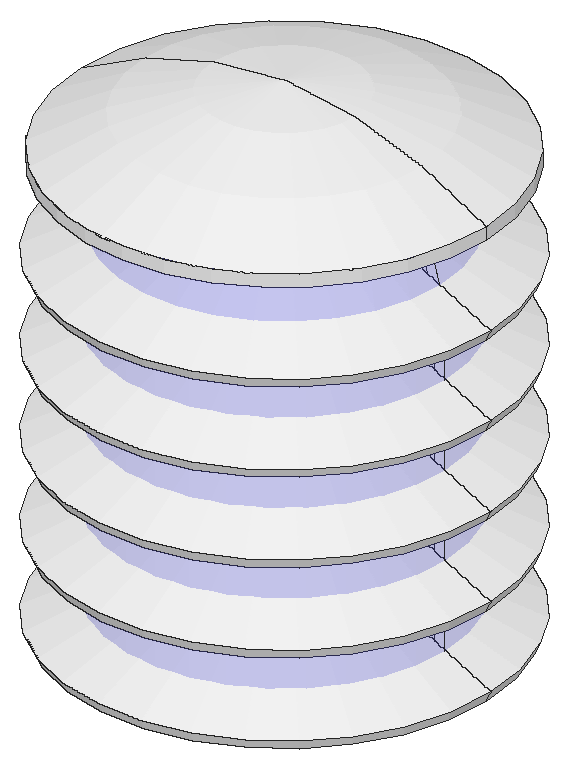
Revit family "CB32", category Lighting Fixtures, Revit 2014
Parameters (values of type "CB")
  Wattage Comments = "default"
  Wattage = 12.1178 W
  built-in parameter 1150110 = 1 (stored number, unit not read)
  Voltage = 120 V
  URL = "https://www.hubbell.com/kimlighting/en/"
  Type Comments = "Lighted Bollard"  # constant formula
  built-in parameter 1114217 = 1 (stored number, unit not read)
  Tilt Angle = 90.00°
  built-in parameter 1150109 = 1 (stored number, unit not read)
  built-in parameter 1150134 = (empty or 0)
  built-in parameter 1150113 = 1 (stored number, unit not read)
  Series = "Traditional Bollards"  # constant formula
  Radius = Diameter / 2  # 2.50"
  Product Page URL = "https://www.hubbell.com/kimlighting/en/Products/Lighting-Controls/Commercial-Outdoor-Lighting/Bollards/Compact-Bollards/p/248477"
  Product Documentation Link = "https://hubbellcdn.com/specsheet/kl_cbled_spec.pdf"
  Power Factor = 1
  Photometric Web Link = "https://www.hubbell.com/kimlighting/en/Products/Lighting-Controls/Commercial-Outdoor-Lighting/Bollards/Compact-Bollards/p/248477#prod-photometry-section"
  Photometric Web File = "cb-20l4k.ies"
  Photometric Notes = "More IES files download on Photometric Web Link"  # constant formula
  Number of Poles = 1
  Model = "Compact Bollards"  # constant formula
  MasterFormat Title = "Landscape Lighting, Site Lighting, Walkway Lighting"  # constant formula
  Manufacturer = "Kim Lighting"  # constant formula
  Lumens = 1800 lm
  built-in parameter 1150115 = 1 (stored number, unit not read)
  built-in parameter 1150105 = 143.24 (stored number, unit not read)
  Load Classification = Lighting
  built-in parameter 1150137 = (empty or 0)
  built-in parameter 1150139 = (empty or 0)
  built-in parameter 1150112 = 1 (stored number, unit not read)
  built-in parameter 1150114 = 1 (stored number, unit not read)
  Lamp = "LED"  # constant formula
  built-in parameter 1150132 = 2
  built-in parameter 1150102 = (empty or 0)
  built-in parameter 1150138 = (empty or 0)
  built-in parameter 1150107 = 3000 (stored number, unit not read)
  built-in parameter 1150106 = 1.4324 (stored number, unit not read)
  Height = 32.00"
  Glass = Glass-KIM-Temper Molded
  Finish = Powder Coat-Kim-White
  built-in parameter 1150104 = 13.8 (stored number, unit not read)
  Dimming Lamp Color Temperature Shift = <None>
  Diameter = 5.00"  # constant formula
  Description = "Compact Bollards feature full overlapping louvers which provides total source cutoff above horizontal. A soft glow from the louvers provides sufficient vertical illumination for gardens, pathways and of course, pedestrians.\r\n\r\nGasketed prismatic glass globe optimizes light output\r\nFull cutoff above horizontal\r\nBattery back-up, emergency battery pack and houseside shield options"  # constant formula
  Color Filter = 16777215
  built-in parameter 1114218 = 1 (stored number, unit not read)
  built-in parameter 1150133 = 10 (stored number, unit not read)
  Assembly Code = "D5020200"
  Apparent Load = 0 VA
Reference planes (in)
  plane 1 "Light Source Axis (F/B)": y = 0
  plane 2: z = 0
  plane 3 "Light Source Axis (L/R)": x = 0
  plane 4 "Light Source Elevation": z = 29
  plane 5 "Left": x = -2.5
  plane 6 "Right": x = 2.5
  plane 7 "Back": y = 2.5
  plane 8 "Front": y = -2.5
  plane 9 "Top": z = 32
  plane 10: z = 26
  plane 11: z = 31
Forms (in)
  Revolve 1, solid, material "Powder Coat-Kim-White" <- "Finish", detail levels medium+fine
    sketch origin (0, 0, 0) x (1, 0, 0) y (0, 0, 1)
      loop
        line (-2.5, 26) -> (-0.48859, 26.93794) -> (-0.54141, 27.05123) -> (-2.55283, 26.11329) -> (-2.5, 26)
      loop
        line (-2.5, 27) -> (-0.48859, 27.93794) -> (-0.54141, 28.05123) -> (-2.55283, 27.11329) -> (-2.5, 27)
      loop
        line (-2.5, 28) -> (-0.48859, 28.93794) -> (-0.54141, 29.05123) -> (-2.55283, 28.11329) -> (-2.5, 28)
      loop
        line (-2.5, 29) -> (-0.48859, 29.93794) -> (-0.54141, 30.05123) -> (-2.55283, 29.11329) -> (-2.5, 29)
      loop
        line (-2.5, 30) -> (-0.48859, 30.93794) -> (-0.54141, 31.05123) -> (-2.55283, 30.11329) -> (-2.5, 30)
      loop
        line (-2.5, 31.25142) -> (-2.5, 31.10079)
        arc (-2.5, 31.10079) -> (-1.28323, 31.59166) -> (0, 31.86512) r 7.57214
        line (0, 31.86512) -> (0, 32)
        arc (0, 32) -> (-1.29614, 31.77981) -> (-2.5, 31.25142) r 5.37273
      axis (0, 26) -> (0, 32)
    angle from 0 to 360
  Revolve 2, solid, material "Glass-KIM-Temper Molded" <- "Glass", detail levels medium+fine
    sketch origin (0, 0, 0) x (1, 0, 0) y (0, 0, 1)
      loop
        line (-1.98859, 26) -> (-1.86359, 26) -> (-1.86359, 29.93794)
        arc (-1.86359, 29.93794) -> (-1.31776, 31.25569) -> (0, 31.80152) r 1.86359
        line (0, 31.80152) -> (0, 31.92652)
        arc (0, 31.92652) -> (-1.40614, 31.34408) -> (-1.98859, 29.93794) r 1.98859
        line (-1.98859, 29.93794) -> (-1.98859, 26)
      axis (0, 26) -> (0, 31.92652)
    angle from 0 to 360
  Revolve 3, solid, material "Powder Coat-Kim-White" <- "Finish", detail levels coarse
    sketch origin (0, 0, 0) x (1, 0, 0) y (0, 0, 1)
      loop
        line (-2, 26) -> (-2, 0) -> (0, 0) -> (0, 26) -> (-2, 26)
      axis (0, 26) -> (0, 0)
    angle from 0 to 360
  Extrusion 4, solid, material "Powder Coat-Kim-White" <- "Finish", detail levels coarse
    sketch origin (0, 0, 0) x (1, 0, 0) y (0, 1, 0)
      loop
        circle (-1.536, 1.65694) r 0.14167
      loop
        circle (1.63636, 1.59444) r 0.14167
      loop
        circle (-1.536, -1.64571) r 0.14167
      loop
        circle (1.63636, -1.58321) r 0.14167
    from 26 to 31.10079
Lines and regions (in)
  Masking region 1
    outline origin (0, 0, 0) x (1, 0, 0) y (0, 1, 0)
      loop
        circle (0, 0) r 2.5
  symbolic lines, style "LightingFixturesHiddenLines", detail levels fine
    curve 1: circle (-0.26777, 0.26777, 0) r 0.1875 normal (0, 0, 1)
    curve 2: circle (0.26777, 0.26777, 0) r 0.1875 normal (0, 0, -1)
    curve 3: circle (-0.26777, -0.26777, 0) r 0.1875 normal (0, 0, -1)
    curve 4: circle (0.26777, -0.26777, 0) r 0.1875 normal (0, 0, 1)
  symbolic lines, style "LightingFixturesHiddenLines", detail levels medium+fine
    curve 5: circle (0, 0, 0) r 1.875 normal (0, 0, 1)
Dimensions and locks (in)
  equal spacing: plane 7 "Back", plane 1 "Light Source Axis (F/B)", plane 8 "Front"
  "Diameter": plane 7 "Back" to plane 8 "Front"
  equal spacing: plane 5 "Left", plane 3 "Light Source Axis (L/R)", plane 6 "Right"
  "Diameter": plane 5 "Left" to plane 6 "Right"
  "Height": plane 9 "Top" to level
  imposter light to Revolve 2 sketch curve to Revolve 2 sketch curve = 1.86359" locked, 0.125" locked
  Revolve 2 sketch curve to Revolve 2 sketch curve to Revolve 2 sketch curve to Revolve 2 sketch curve to plane 10 = 0.125" locked, 1.86359" locked, 0.00" locked, 3.93794"
  locked: curve 3 to plane 8 "Front" at 2.23223
  locked: plane 7 "Back" to curve 1 at 2.23223
  locked: plane 7 "Back" to curve 2 at 2.23223
  locked: curve 4 to plane 8 "Front" at 2.23223
  locked: plane 5 "Left" to curve 1 at 2.23223
  locked: plane 5 "Left" to curve 3 at 2.23223
  locked: curve 2 to plane 6 "Right" at 2.23223
  locked: curve 4 to plane 6 "Right" at 2.23223
  locked: curve 5 to plane 1 "Light Source Axis (F/B)" at 0
  locked: curve 5 to plane 3 "Light Source Axis (L/R)" at 0
  plane 9 "Top" to plane 11 to plane 4 "Light Source Elevation" to plane 10 = 1.00", 2.00" locked, 3.00" locked
  Revolve 1 sketch curve to Revolve 1 sketch curve to Revolve 1 sketch curve to Revolve 1 sketch curve to Revolve 1 sketch curve to Revolve 1 sketch curve to Revolve 1 sketch curve to Revolve 1 sketch curve to Revolve 1 sketch curve to Revolve 1 sketch curve to Revolve 1 sketch curve to Revolve 1 sketch curve to Revolve 1 sketch curve to Revolve 1 sketch curve to Revolve 1 sketch curve to Revolve 1 sketch curve to Revolve 1 sketch curve to Revolve 1 sketch curve to Revolve 1 sketch curve to plane 10 to Revolve 1 sketch curve = 0.11329" locked, 0.82465" locked, 0.06206" locked, 0.05123" locked, 0.06206" locked, 0.82465" locked, 0.06206" locked, 0.05123" locked, 0.06206" locked, 0.82465" locked, 0.06206" locked, 0.05123" locked, 0.06206" locked, 0.82465" locked, 0.06206" locked, 0.05123" locked, 0.06206" locked, 0.82465" locked, 0.11329" locked, 0.00" locked
  Revolve 1 sketch curve to plane 5 "Left" to Revolve 1 sketch curve to Revolve 1 sketch curve to Revolve 1 sketch curve = 0.05283" locked, 0.00" locked, 1.95859" locked, 0.05283" locked  (x5)
  locked: plane 1 "Light Source Axis (F/B)" to Masking region 1 sketch curve at 0
  locked: plane 3 "Light Source Axis (L/R)" to Masking region 1 sketch curve at 0
  plane 5 "Left" to plane 6 "Right" = 5.00"
  "Height": plane 9 "Top" to plane 2
  plane 10 to plane 2 = 26.00"
  "Radius": radius of Masking region 1 sketch curve
  aligned and locked: plane 3 "Light Source Axis (L/R)" to imposter light
  aligned and locked: plane 1 "Light Source Axis (F/B)" to imposter light
  aligned and locked: plane 4 "Light Source Elevation" to imposter light
  aligned and locked: plane 3 "Light Source Axis (L/R)" to Revolve 1 sketch curve
  aligned and locked: Revolve 2 sketch curve to plane 3 "Light Source Axis (L/R)"
  aligned and locked: Revolve 2 sketch curve to plane 10
  aligned and locked: plane 3 "Light Source Axis (L/R)" to Revolve 2 sketch curve
  aligned and locked: Revolve 3 sketch curve to plane 3 "Light Source Axis (L/R)"  (x2)
  aligned and locked: Revolve 3 sketch curve to plane 10
  aligned and locked: level to Revolve 3 sketch curve
  aligned and locked: Revolve 1 to Extrusion 4
Automatic sketch dimensions
  Revolve 2 sketch curve to plane 10 = 1.25"
  Revolve 2 sketch curve to Revolve 2 sketch curve = 2.07348"
  Revolve 3 sketch curve to level = 7.50"
  Revolve 3 sketch curve to plane 5 "Left" = 0.50"
  plane 9 "Top" to Revolve 3 sketch curve = 5.50"
  Extrusion 4 sketch curve to plane 5 "Left" = 0.964"  (x2)
  plane 6 "Right" to Extrusion 4 sketch curve = 0.86364"  (x2)
  plane 8 "Front" to Extrusion 4 sketch curve = 0.85429"
  plane 8 "Front" to Extrusion 4 sketch curve = 0.91679"
  Extrusion 4 sketch curve to plane 7 "Back" = 0.90556"
  Extrusion 4 sketch curve to plane 7 "Back" = 0.84306"
  plane 5 "Left" to Revolve 1 sketch curve = 0.00"
  Revolve 1 sketch curve to plane 3 "Light Source Axis (L/R)" = 0.00"
  Revolve 1 sketch curve to plane 9 "Top" = 0.00"
  plane 3 "Light Source Axis (L/R)" to Revolve 1 sketch curve = 0.24501"
  plane 3 "Light Source Axis (L/R)" to Revolve 1 sketch curve = 0.93065"
  Revolve 1 sketch curve to plane 10 = 1.64962"
  plane 10 to Revolve 1 sketch curve = 0.63286"
  Revolve 1 sketch curve to Revolve 1 sketch curve = 0.13488"
  Revolve 1 sketch curve to Revolve 1 sketch curve = 0.27791"
  plane 9 "Top" to Revolve 1 sketch curve = 0.12829"
  radius of curve 1 = 0.1875"
  radius of curve 2 = 0.1875"
  radius of curve 3 = 0.1875"
  radius of curve 4 = 0.1875"
  radius of curve 5 = 1.875"
  radius of Extrusion 4 sketch curve = 0.14167"  (x4)
Nested families (in)
  nested 1: "Notation" at (0, 4.62623, 0), type "Notation"
Connectors (in)
  electrical at (0, 0, 0), driven by "Load Classification"
    settings: on Revolve 3, index 1, voltage 120 V, apparent load 25 VA, apparent load phase1 0 VA, apparent load phase2 0 VA, apparent load phase3 0 VA, power factor 1, load classification "Lighting", number of poles 1, system type 30, power factor state 1, is connector primary yes, connector utility no, sub classification motor no, connector description "Lighting connector"
Definition of nested family "Notation"
  Parameters (values of type "Notation")
    Notation = "LF"
  Reference planes (in)
    plane 1: y = 0
    plane 2: x = 0
  Text (in)
    label "Notation" at (0.02149, 0.07192, 0), shows "Notation"
